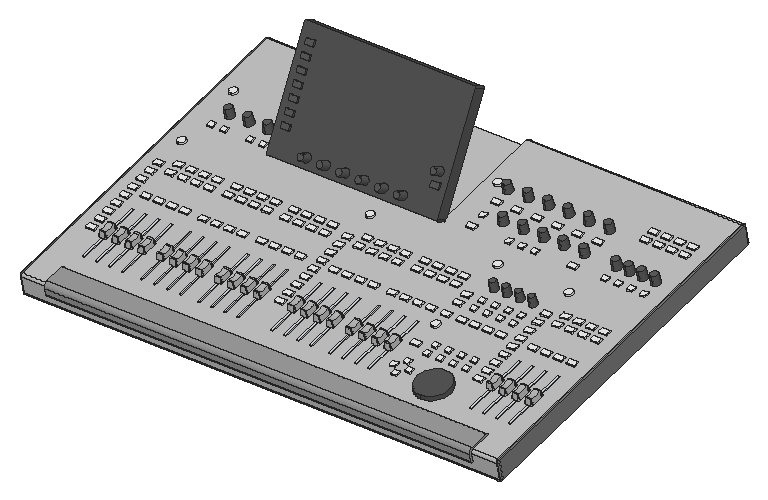
Revit family "Wing", category Communication Devices, Revit 2020 (continued)
Definition of nested family "IEC with switch"
  Lines and regions (mm)
    Split face 1
      outline origin (-11.5, 29.2, 2) x (-1, 0, 0) y (0, -1, 0)
        loop
          line (-18.75, 16.3) -> (-18.75, 6.3) -> (-4.25, 6.3) -> (-4.25, 16.3) -> (-18.75, 16.3)
    model lines
      curve 1: line (-9.75, 25.4, 2) -> (9.75, 25.4, 2)
      curve 2: arc (9.75, 25.4, 2) -> (10.457, 25.107, 2) -> (10.75, 24.4, 2) r 1
      curve 3: line (10.75, 24.4, 2) -> (10.75, 11.4, 2)
      curve 4: arc (10.75, 11.4, 2) -> (10.457, 10.693, 2) -> (9.75, 10.4, 2) r 1
      curve 5: line (9.75, 10.4, 2) -> (-9.75, 10.4, 2)
      curve 6: arc (-9.75, 10.4, 2) -> (-10.457, 10.693, 2) -> (-10.75, 11.4, 2) r 1
      curve 7: line (-10.75, 11.4, 2) -> (-10.75, 24.4, 2)
      curve 8: arc (-10.75, 24.4, 2) -> (-10.457, 25.107, 2) -> (-9.75, 25.4, 2) r 1
      curve 9: line (-7.25, 22.9, 2) -> (7.25, 22.9, 2)
      curve 10: line (-7.25, 12.9, 2) -> (-7.25, 22.9, 2)
      curve 11: line (7.25, 12.9, 2) -> (-7.25, 12.9, 2)
      curve 12: line (7.25, 22.9, 2) -> (7.25, 12.9, 2)
      curve 13: line (-3.781, 22.9, 2) -> (-3.781, 12.9, 2)
  Dimensions and locks
    aligned and locked: level to plane 2
Definition of nested family "RJ45 chassis mount"
  Parameters
    Default Elevation = 1219.2 mm
  Reference planes
    plane 1 "Center (Front/Back)": y = 0
    plane 2: z = 0
    plane 3 "Center (Left/Right)": x = 0
  Forms (mm)
    Extrusion 1, void
      sketch origin (-12.612, 0, 0) x (1, 0, 0) y (0, 1, 0)
        loop
          line (6.713, 3.65) -> (6.713, -3.15) -> (9.313, -3.15) -> (9.313, -5.15) -> (10.763, -5.15) -> (10.763, -6.45) -> (14.463, -6.45) -> (14.463, -5.15) -> (15.913, -5.15) -> (15.913, -3.15) -> (18.513, -3.15) -> (18.513, 3.65) -> (6.713, 3.65)
      from -10 to 1.5
    Extrusion 2, solid
      sketch origin (0, 0, 0) x (1, 0, 0) y (0, 1, 0)
        loop
          line (-7.94, 6.94) -> (-7.94, -7.092) -> (7.94, -7.092) -> (7.94, 6.94) -> (-7.94, 6.94)
      from -15 to 1.5
    Extrusion 3, void
      sketch origin (0, 0, 0) x (1, 0, 0) y (0, 1, 0)
        loop
          line (-7.94, 6.94) -> (-7.94, -7.092) -> (7.94, -7.092) -> (7.94, 6.94) -> (-7.94, 6.94)
      from -15 to 0
  Cuts and joins
    Extrusion 1 cuts Extrusion 2
  Dimensions and locks
    aligned and locked: level to plane 2
Definition of nested family "USB-B chassis mount"
  Parameters
    Default Elevation = 1219.2 mm
  Reference planes
    plane 1 "Center (Front/Back)": y = 0
    plane 2: z = 0
    plane 3 "Center (Left/Right)": x = 0
  Forms (mm)
    Extrusion 1, void
      sketch origin (-12.612, 0, 0) x (1, 0, 0) y (0, 1, 0)
        loop
          line (9.363, 3.85) -> (8.363, 2.85) -> (8.363, -2.85)
          arc (8.363, -2.85) -> (8.655, -3.557) -> (9.363, -3.85) r 1
          line (9.363, -3.85) -> (15.862, -3.85)
          arc (15.862, -3.85) -> (16.57, -3.557) -> (16.862, -2.85) r 1
          line (16.862, -2.85) -> (16.862, 2.85) -> (15.862, 3.85) -> (9.363, 3.85)
      from -5 to 1.5
    Extrusion 2, solid
      sketch origin (0, 0, 0) x (1, 0, 0) y (0, 1, 0)
        loop
          line (-6.15, 5.499) -> (-6.15, -5.501) -> (6.15, -5.501) -> (6.15, 5.499) -> (-6.15, 5.499)
      from -15 to 1.5
    Extrusion 3, void
      sketch origin (0, 0, 0) x (1, 0, 0) y (0, 1, 0)
        loop
          line (-6.15, 5.499) -> (-6.15, -5.501) -> (6.15, -5.501) -> (6.15, 5.499) -> (-6.15, 5.499)
      from -15 to 0
    Extrusion 4, solid
      sketch origin (0, 0, 0) x (1, 0, 0) y (0, 1, 0)
        loop
          line (-3.05, -1.85) -> (3.05, -1.85) -> (3.05, 1.85) -> (-3.05, 1.85) -> (-3.05, -1.85)
      from -5 to 1
  Cuts and joins
    Extrusion 1 cuts Extrusion 2
  Dimensions and locks
    aligned and locked: level to plane 2
Definition of nested family "4 pin XLR-F"
  Parameters
    Default Elevation = 1219.2 mm
  Reference planes
    plane 1 "Center (Front/Back)": y = 0
    plane 2: z = 0
    plane 3 "Center (Left/Right)": x = 0
  Forms (mm)
    Extrusion 1, solid
      sketch origin (-12.612, 0, 0) x (1, 0, 0) y (0, 1, 0)
        loop
          circle (12.613, 0.021) r 11.058
      from -16 to 1.5
    Extrusion 2, void
      sketch origin (-12.612, 0, 0) x (1, 0, 0) y (0, 1, 0)
        loop
          circle (12.612, 0.021) r 9.9
      from -12 to 1.5
    Extrusion 3, solid
      sketch origin (-12.612, 0, 0) x (1, 0, 0) y (0, 1, 0)
        loop
          line (9.613, 9.921) -> (15.612, 9.921)
          arc (15.612, 9.921) -> (17.027, 10.507) -> (17.612, 11.921) r 2
          line (17.612, 11.921) -> (17.612, 13.337)
          arc (17.612, 13.337) -> (17.271, 14.455) -> (16.362, 15.191) r 2
          arc (16.362, 15.191) -> (12.612, 15.921) -> (8.862, 15.191) r 10
          arc (8.862, 15.191) -> (7.954, 14.455) -> (7.612, 13.337) r 2
          line (7.612, 13.337) -> (7.612, 11.921)
          arc (7.612, 11.921) -> (8.198, 10.507) -> (9.613, 9.921) r 2
      from 3.3 to 4.2
    Extrusion 4, solid
      sketch origin (-12.612, 0, 0) x (1, 0, 0) y (0, 1, 0)
        loop
          line (11.106, 9.921) -> (14.119, 9.921) -> (14.119, 10.975)
          arc (14.119, 10.975) -> (12.613, 11.079) -> (11.106, 10.975) r 11.058
          line (11.106, 10.975) -> (11.106, 9.921)
      from 3.3 to 1.5
    Extrusion 5, void
      sketch origin (-12.612, 0, 0) x (1, 0, 0) y (0, 1, 0)
        loop
          circle (8.503, 0.94) r 0.85
      from -12 to 1.5
    Extrusion 6, void
      sketch origin (-12.612, 0, 0) x (1, 0, 0) y (0, 1, 0)
        loop
          circle (16.803, 0) r 0.85
      from -12 to 1.5
    Extrusion 7, void
      sketch origin (-12.612, 0, 0) x (1, 0, 0) y (0, 1, 0)
        loop
          circle (10.483, -2.84) r 0.85
      from -12 to 1.5
    Extrusion 8, solid
      sketch origin (-12.612, 0, 0) x (1, 0, 0) y (0, 1, 0)
        loop
          circle (12.612, 0) r 8
      from -12 to 1.5
    Extrusion 9, void
      sketch origin (-12.612, 0, 0) x (1, 0, 0) y (0, 1, 0)
        loop
          circle (12.613, 0) r 11.1
      from 0 to -16
    Extrusion 10, void
      sketch origin (-14.773, -3.68, 0) x (1, 0, 0) y (0, 1, 0)
        loop
          circle (16.803, 0) r 0.85
      from -12 to 1.5
  Cuts and joins
    Extrusion 2, Extrusion 5, Extrusion 6, Extrusion 7, Extrusion 10 cuts Extrusion 1
    Extrusion 2 cuts Extrusion 4
    Extrusion 5, Extrusion 6, Extrusion 7, Extrusion 10 cuts Extrusion 8
  Dimensions and locks
    aligned and locked: level to plane 2
Definition of nested family "TRS chassis mount"
  Parameters
    Default Elevation = 1219.2 mm
  Reference planes
    plane 1 "Center (Front/Back)": y = 0
    plane 2: z = 0
    plane 3 "Center (Left/Right)": x = 0
  Forms (mm)
    Extrusion 1, solid
      sketch origin (0, 0, 0) x (1, 0, 0) y (0, 1, 0)
        loop
          circle (0, 0) r 6.5
      from 0 to 0.8
    Extrusion 2, solid
      sketch origin (0, 0, 0) x (1, 0, 0) y (0, 1, 0)
        loop
          line (0, 6.351) -> (-5.5, 3.175) -> (-5.5, -3.175) -> (0, -6.351) -> (5.5, -3.175) -> (5.5, 3.175) -> (0, 6.351)
      from 3 to 0.8
    Extrusion 3, solid
      sketch origin (0, 0, 0) x (1, 0, 0) y (0, 1, 0)
        loop
          circle (0, 0) r 4.1
      from 3 to 6
    Extrusion 4, void
      sketch origin (0, 0, 0) x (1, 0, 0) y (0, 1, 0)
        loop
          circle (0, 0) r 3.215
      from -25 to 6
    Extrusion 5, void
      sketch origin (0, 0, 0) x (1, 0, 0) y (0, 1, 0)
        loop
          circle (0, 0) r 4.763
      from -30 to 0
    Extrusion 6, solid
      sketch origin (0, 0, 0) x (1, 0, 0) y (0, 1, 0)
        loop
          circle (0, 0) r 4.763
      from -30 to 0
  Cuts and joins
    Extrusion 4, Extrusion 5 cuts Extrusion 1
    Extrusion 4 cuts Extrusion 2
    Extrusion 4 cuts Extrusion 3
  Dimensions and locks
    aligned and locked: level to plane 2
Definition of nested family "XLR-M"
  Parameters
    Default Elevation = 1219.2 mm
  Reference planes
    plane 1 "Center (Front/Back)": y = 0
    plane 2: z = 0
    plane 3 "Center (Left/Right)": x = 0
  Forms (mm)
    Extrusion 1, solid
      sketch origin (-12.612, 0, 0) x (1, 0, 0) y (0, 1, 0)
        loop
          circle (12.613, 0.021) r 11.058
      from -16 to 1.5
    Extrusion 2, void
      sketch origin (-12.612, 0, 0) x (1, 0, 0) y (0, 1, 0)
        loop
          circle (12.612, 0.021) r 9.9
      from -10 to 1.5
    Extrusion 3, solid
      sketch origin (0, 0, 0) x (1, 0, 0) y (0, 1, 0)
        loop
          circle (-4.05, 0.021) r 1.1
      from -10 to 1
    Extrusion 4, solid
      sketch origin (8.1, 0, 0) x (1, 0, 0) y (0, 1, 0)
        loop
          circle (-4.05, 0.021) r 1.1
      from -10 to 1
    Extrusion 5, solid
      sketch origin (4.05, -3.96, 0) x (1, 0, 0) y (0, 1, 0)
        loop
          circle (-4.05, 0.021) r 1.1
      from -10 to 1
    Extrusion 6, void
      sketch origin (-32.913, 0, 0) x (1, 0, 0) y (0, 1, 0)
        loop
          circle (32.913, 0) r 11.2
      from 0 to -16
  Cuts and joins
    Extrusion 2 cuts Extrusion 1
  Lines and regions (mm)
    Split face 1
      outline origin (9.9, 0.021, -10) x (-1, 0, 0) y (0, -1, 0)
        loop
          circle (9.9, 0.021) r 8
  Dimensions and locks
    aligned and locked: level to plane 2
Definition of nested family "XLR-F"
  Parameters
    Default Elevation = 1219.2 mm
  Reference planes
    plane 1 "Center (Front/Back)": y = 0
    plane 2: z = 0
    plane 3 "Center (Left/Right)": x = 0
  Forms (mm)
    Extrusion 1, solid
      sketch origin (-12.612, 0, 0) x (1, 0, 0) y (0, 1, 0)
        loop
          circle (12.613, 0.021) r 11.058
      from -16 to 1.5
    Extrusion 2, void
      sketch origin (-12.612, 0, 0) x (1, 0, 0) y (0, 1, 0)
        loop
          circle (12.612, 0.021) r 9.9
      from -12 to 1.5
    Extrusion 3, solid
      sketch origin (-12.612, 0, 0) x (1, 0, 0) y (0, 1, 0)
        loop
          line (9.613, 9.921) -> (15.612, 9.921)
          arc (15.612, 9.921) -> (17.027, 10.507) -> (17.612, 11.921) r 2
          line (17.612, 11.921) -> (17.612, 13.337)
          arc (17.612, 13.337) -> (17.271, 14.455) -> (16.362, 15.191) r 2
          arc (16.362, 15.191) -> (12.612, 15.921) -> (8.862, 15.191) r 10
          arc (8.862, 15.191) -> (7.954, 14.455) -> (7.612, 13.337) r 2
          line (7.612, 13.337) -> (7.612, 11.921)
          arc (7.612, 11.921) -> (8.198, 10.507) -> (9.613, 9.921) r 2
      from 3.3 to 4.2
    Extrusion 4, solid
      sketch origin (-12.612, 0, 0) x (1, 0, 0) y (0, 1, 0)
        loop
          line (11.106, 9.921) -> (14.119, 9.921) -> (14.119, 10.975)
          arc (14.119, 10.975) -> (12.613, 11.079) -> (11.106, 10.975) r 11.058
          line (11.106, 10.975) -> (11.106, 9.921)
      from 3.3 to 1.5
    Extrusion 5, void
      sketch origin (-12.612, 0, 0) x (1, 0, 0) y (0, 1, 0)
        loop
          circle (8.562, 0.021) r 1.325
      from -12 to 1.5
    Extrusion 6, void
      sketch origin (-12.612, 0, 0) x (1, 0, 0) y (0, 1, 0)
        loop
          circle (16.663, 0.021) r 1.325
      from -12 to 1.5
    Extrusion 7, void
      sketch origin (-12.612, 0, 0) x (1, 0, 0) y (0, 1, 0)
        loop
          circle (12.612, -3.939) r 1.325
      from -12 to 1.5
    Extrusion 8, solid
      sketch origin (-12.612, 0, 0) x (1, 0, 0) y (0, 1, 0)
        loop
          circle (12.612, 0) r 8
      from -12 to 1.5
    Extrusion 9, void
      sketch origin (-12.612, 0, 0) x (1, 0, 0) y (0, 1, 0)
        loop
          circle (12.613, 0) r 11.1
      from 0 to -16
  Cuts and joins
    Extrusion 2, Extrusion 5, Extrusion 6, Extrusion 7 cuts Extrusion 1
    Extrusion 2 cuts Extrusion 4
    Extrusion 5, Extrusion 6, Extrusion 7 cuts Extrusion 8
  Dimensions and locks
    aligned and locked: level to plane 2
Definition of nested family "NE8FD Ethercon"
  Parameters
    Default Elevation = 1219.2 mm
  Reference planes
    plane 1 "Center (Front/Back)": y = 0
    plane 2: z = 0
    plane 3 "Center (Left/Right)": x = 0
  Forms (mm)
    Extrusion 1, solid
      sketch origin (-12.612, 0, 0) x (1, 0, 0) y (0, 1, 0)
        loop
          circle (12.613, 0.021) r 11.058
      from -16 to 1.5
    Extrusion 2, void
      sketch origin (-12.612, 0, 0) x (1, 0, 0) y (0, 1, 0)
        loop
          circle (12.612, 0.021) r 9.9
      from -12 to 1.5
    Extrusion 3, solid
      sketch origin (-12.612, 0, 0) x (1, 0, 0) y (0, 1, 0)
        loop
          line (9.613, 9.921) -> (15.612, 9.921)
          arc (15.612, 9.921) -> (17.027, 10.507) -> (17.612, 11.921) r 2
          line (17.612, 11.921) -> (17.612, 13.337)
          arc (17.612, 13.337) -> (17.271, 14.455) -> (16.362, 15.191) r 2
          arc (16.362, 15.191) -> (12.612, 15.921) -> (8.862, 15.191) r 10
          arc (8.862, 15.191) -> (7.954, 14.455) -> (7.612, 13.337) r 2
          line (7.612, 13.337) -> (7.612, 11.921)
          arc (7.612, 11.921) -> (8.198, 10.507) -> (9.613, 9.921) r 2
      from 3.3 to 4.2
    Extrusion 4, solid
      sketch origin (-12.612, 0, 0) x (1, 0, 0) y (0, 1, 0)
        loop
          line (11.106, 9.921) -> (14.119, 9.921) -> (14.119, 10.975)
          arc (14.119, 10.975) -> (12.613, 11.079) -> (11.106, 10.975) r 11.058
          line (11.106, 10.975) -> (11.106, 9.921)
      from 3.3 to 1.5
    Extrusion 5, void
      sketch origin (-12.612, 0, 0) x (1, 0, 0) y (0, 1, 0)
        loop
          line (6.713, 3.65) -> (6.713, -3.15) -> (9.313, -3.15) -> (9.313, -5.15) -> (10.763, -5.15) -> (10.763, -6.45) -> (14.463, -6.45) -> (14.463, -5.15) -> (15.913, -5.15) -> (15.913, -3.15) -> (18.513, -3.15) -> (18.513, 3.65) -> (6.713, 3.65)
      from -10 to 1.5
    Extrusion 6, solid
      sketch origin (-12.612, 0, 0) x (1, 0, 0) y (0, 1, 0)
        loop
          circle (12.612, 0) r 8
      from -12 to 1.5
    Extrusion 7, void
      sketch origin (-12.612, 0, 0) x (1, 0, 0) y (0, 1, 0)
        loop
          circle (12.613, 0) r 11.1
      from 0 to -16
  Cuts and joins
    Extrusion 2, Extrusion 5 cuts Extrusion 1
    Extrusion 2 cuts Extrusion 4
    Extrusion 5 cuts Extrusion 6
  Dimensions and locks
    aligned and locked: level to plane 2
Definition of nested family "XLR-F Combo Jack"
  Parameters
    Default Elevation = 1219.2 mm
  Reference planes
    plane 1 "Center (Front/Back)": y = 0
    plane 2: z = 0
    plane 3 "Center (Left/Right)": x = 0
  Forms (mm)
    Extrusion 1, solid
      sketch origin (-12.612, 0, 0) x (1, 0, 0) y (0, 1, 0)
        loop
          circle (12.613, 0.021) r 11.058
      from -16 to 1.5
    Extrusion 2, void
      sketch origin (-12.612, 0, 0) x (1, 0, 0) y (0, 1, 0)
        loop
          circle (12.612, 0.021) r 9.9
      from -12 to 1.5
    Extrusion 3, solid
      sketch origin (-12.612, 0, 0) x (1, 0, 0) y (0, 1, 0)
        loop
          line (9.613, 9.921) -> (15.612, 9.921)
          arc (15.612, 9.921) -> (17.027, 10.507) -> (17.612, 11.921) r 2
          line (17.612, 11.921) -> (17.612, 13.337)
          arc (17.612, 13.337) -> (17.271, 14.455) -> (16.362, 15.191) r 2
          arc (16.362, 15.191) -> (12.612, 15.921) -> (8.862, 15.191) r 10
          arc (8.862, 15.191) -> (7.954, 14.455) -> (7.612, 13.337) r 2
          line (7.612, 13.337) -> (7.612, 11.921)
          arc (7.612, 11.921) -> (8.198, 10.507) -> (9.613, 9.921) r 2
      from 3.3 to 4.2
    Extrusion 4, solid
      sketch origin (-12.612, 0, 0) x (1, 0, 0) y (0, 1, 0)
        loop
          line (11.106, 9.921) -> (14.119, 9.921) -> (14.119, 10.975)
          arc (14.119, 10.975) -> (12.613, 11.079) -> (11.106, 10.975) r 11.058
          line (11.106, 10.975) -> (11.106, 9.921)
      from 3.3 to 1.5
    Extrusion 5, void
      sketch origin (-12.612, 0, 0) x (1, 0, 0) y (0, 1, 0)
        loop
          circle (8.562, 0.021) r 1.325
      from -12 to 1.5
    Extrusion 6, void
      sketch origin (-12.612, 0, 0) x (1, 0, 0) y (0, 1, 0)
        loop
          circle (16.663, 0.021) r 1.325
      from -12 to 1.5
    Extrusion 7, void
      sketch origin (-12.612, 0, 0) x (1, 0, 0) y (0, 1, 0)
        loop
          circle (12.612, -3.939) r 1.325
      from -12 to 1.5
    Extrusion 8, solid
      sketch origin (-12.612, 0, 0) x (1, 0, 0) y (0, 1, 0)
        loop
          circle (12.612, 0) r 8
      from -12 to 1.5
    Extrusion 9, void
      sketch origin (-12.612, 0, 0) x (1, 0, 0) y (0, 1, 0)
        loop
          circle (12.613, 0) r 11.1
      from 0 to -16
    Extrusion 10, void
      sketch origin (0, 0, 0) x (1, 0, 0) y (0, 1, 0)
        loop
          circle (0.001, 0.076) r 3.433
      from 2 to -16
  Cuts and joins
    Extrusion 2, Extrusion 5, Extrusion 6, Extrusion 7 cuts Extrusion 1
    Extrusion 2 cuts Extrusion 4
    Extrusion 5, Extrusion 6, Extrusion 7, Extrusion 10 cuts Extrusion 8
  Dimensions and locks
    aligned and locked: level to plane 2
